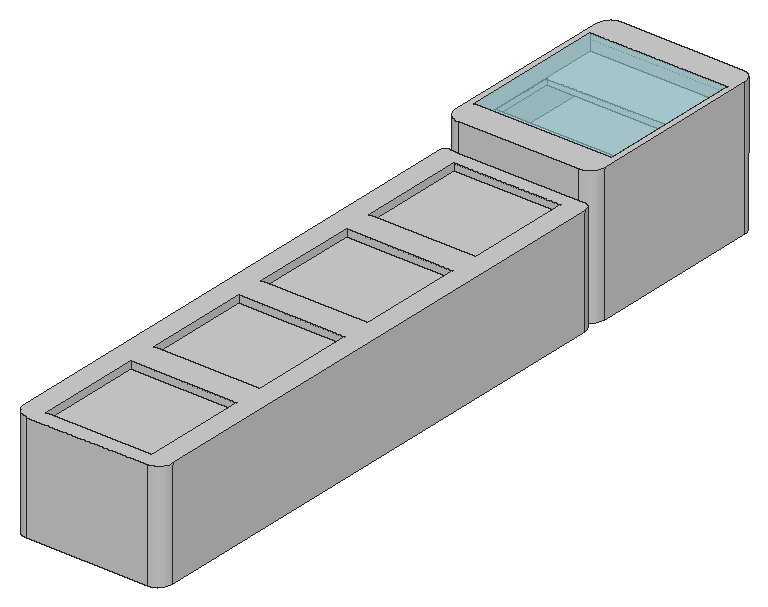
Revit family "Building-QuadriIEC309-GEWISS-68QDIN-QUADRI-PRESE-5MOD_4PRESE", category Apparecchi elettrici, host Superficie, Revit 2019
Family settings
  Host = Superficie
  Mantenere orientamento annotazione = Sì
  Quota connettore circolare = Usa diametro
  Tipo di parte = Normale
  Taglio con vuoti quando caricato = No
  Condiviso = No
  Punto di calcolo locali = Sì
Parameters (values of type "GW68026N - Q-DIN 5M 4FLANGE PR.50x50 IP65")
  visibilita posizionamento 2d [instance] = yes
  simbolo 2d [instance] = yes
  oggetto in pianta [instance] = not(visibilita posizionamento 2d)  # no
  distanza_simbolo [instance] = 0.1 mm
  bordo acceso [instance] = yes
  Visibilità sportello [instance] = yes
  Versione file RFA = "21.5"
  VETRO = Vetro
  URL = "https://www.gewiss.com/it/it"
  Tipologia di installazione = "Da parete"
  Tipo versione = "Vuoto"
  Termopressione con biglia = "70 °C"
  Spostamento_effettivo_S [instance] = 4000 mm - Spostamento_S  # 3000 mm
  Spostamento_S = 1000 mm
  Simbolo_quadro [instance] = not(simbolo 2d)  # no
  Scheda Tecnica = "https://www.gewiss.com/it/it/search?q=GW68026N"
  STRUTTURA ALTA = Poche
  STRUTTURA = RAL - 7035
  SEO = "Quadretto"
  Resistenza agli urti = "IK08"
  Default Elevation = 1219.2 mm
  Produttore = "GEWISS S.p.A."
  Potenza dissipabile B (W) = "37"
  Potenza dissipabile A (W) = "10"
  PRESA = rosso
  POMELLO = bianco
  N_moduli = 5 mm
  N. prese alloggiabili = "4 Prese civili 50x50 mm"
  N. mod. EN 50022 = "5"
  N. coperchi ciechi in dotazione = "1 Presa civile 50x50 mm"
  Modello = "GW68026N"
  L_Moduli = N_moduli * 19  # 95 mm
  Immagine tipo = GW68026N.jpg
  IDT = "574c8b292fd04b899f8585c9571871c8"
  IDF = "fdca4764-dfad-4d4d-9a4e-a0cd6bd2b04f"
  Grado di protezione = "IP65"
  Glow Wire Test = "650°C"
  Descrizione = "Q-DIN 5M 4FLANGE PR.50x50 IP65"
  Creato da GEWISS S.p.A. = ""
  ConformitÃ  normativa = "EN 62208"
  Colore = "Grigio RAL 7035"
  Codice Electrocod = "2242"
  Classe isolamento = "II"
  Catalogo = "BUILDING"
  COBie.Tagnumber = ""
  COBie.CreatedOn = ""
  COBie.CreatebBy = ""
  COBie.ComponentRegisterItemID = ""
  COBie.Component.TagNumber = ""
  COBie.Component.Space = ""
  COBie.Component.SerialNumber = ""
  COBie.Component.InstallationDate = ""
  COBie.Component.Description = ""
  COBie.Component.BarCode = ""
Reference planes
  plane 1 "Centro (Fronte/Retro)": y = 0
  plane 2: z = 0
  plane 3 "Centro (Sinistra/Destra)": x = 0
  plane 4: x = -3000
  plane 5: x = 0
Forms (mm)
  Extrusion 1, solid, material "RAL - 7035" <- "STRUTTURA", detail levels coarse
    sketch origin (0, 0, 0) x (0, 1, 0) y (0, 0, 1)
      loop
        line (-92.5, 96) -> (-92.5, 0) -> (430.5, 0) -> (430.5, 96) -> (-92.5, 96)
    from -52.5 to 52.5
Lines and regions (mm)
  Masking region 1, visible <- "visibilita posizionamento 2d"
    outline origin (0, 0, 0) x (1, 0, 0) y (0, 0, 1)
      loop
        line (-52.5, 0) -> (52.5, 0) -> (52.5, 96) -> (-52.5, 96) -> (-52.5, 0)
Dimensions and locks
  plane 4 to plane 3 "Centro (Sinistra/Destra)" = 3000 mm
  "Spostamento_effettivo_S": plane 4 to plane 5
  aligned and locked: plane 2 to host face
  aligned and locked: level to host face
  aligned and locked: nested 1 to plane 5
  aligned and locked: nested 3 to plane 5
  aligned and locked: Extrusion 1 sketch curve to nested 2
  aligned and locked: nested 2 to plane 5
Automatic sketch dimensions
  host sketch curve to host sketch curve = 2438.4 mm  (x2)
  Extrusion 1 sketch curve to level = 0 mm
  plane 1 "Centro (Fronte/Retro)" to Extrusion 1 sketch curve = 92.5 mm
  Extrusion 1 sketch curve to plane 1 "Centro (Fronte/Retro)" = 430.5 mm
  Masking region 1 sketch curve to level = 0 mm
  Masking region 1 sketch curve to plane 3 "Centro (Sinistra/Destra)" = 52.5 mm
  plane 3 "Centro (Sinistra/Destra)" to Masking region 1 sketch curve = 52.5 mm
  Masking region 1 sketch curve to Masking region 1 sketch curve = 96 mm
Nested families
  nested 1: "CENTRALINO" at (0, 737.795, 0), BORDO ACCESO <- "bordo acceso", SIMBOLO ACCESO <- "simbolo 2d", Distanza dal muro <- "distanza_simbolo", visible <- "simbolo 2d", type "CENTRALINO"
    with SIMBOLO ACCESO yes, Distanza dal muro 0.1 mm, BORDO ACCESO yes
  nested 2: "base_68QDIN5 QUADRO DISTRIBUZ X 4 PRESE IND" at (0, 287.5, 0), type "base_68QDIN5 QUADRO DISTRIBUZ X 4 PRESE IND", detail levels medium+fine
  nested 3: "simb_CENTRALINO_BASE_cad pro" at (0, 737.795, 0), Distanza dal muro <- "distanza_simbolo", visible <- "Simbolo_quadro", SIMBOLO ACCESO <- "Simbolo_quadro", type "simb_CENTRALINO_BASE_cad pro"
    with SIMBOLO ACCESO no, Distanza dal muro 0.1 mm, BORDO ACCESO yes
Definition of nested family "base_68QDIN5 QUADRO DISTRIBUZ X 4 PRESE IND"
  Parameters (values of type "base_68QDIN5 QUADRO DISTRIBUZ X 4 PRESE IND")
    raggio prese = 25 mm
    n_moduli = 5 mm  # constant formula
    h_moduli = 45 mm  # constant formula
    Vetro = none
    Struttura = none
    Spessore = 96 mm
    Default Elevation = 14 mm
    Presa = none
    Lunghezza = 105 mm
    Larghezza = 105 mm
    L_moduli = n_moduli * 19  # 95 mm
    IFC.TypeObject = ""
    IFC.ExportType = ""
    IFC.ExportAs = ""
    H_da terra = 589.057 mm
    COBie.CreatedOn = ""
    COBie.CreatebBy = ""
    COBie.ComponentRegisterItemID = ""
    COBie.Component.TagNumber = ""
    COBie.Component.Space = ""
    COBie.Component.SerialNumber = ""
    COBie.Component.InstallationDate = ""
    COBie.Component.Description = ""
    COBie.Component.BarCode = ""
    Altezza scatole = 350 mm
    Altezza quadro = 150 mm
    Altezza = 258 mm
  Reference planes
    plane 1 "Centro (Fronte/Retro)": y = 0
    plane 2: z = 0
    plane 3 "Centro (Sinistra/Destra)": x = 0
    plane 4: z = 62.089
    plane 5: z = 103.126
    plane 6: z = 76.196
    plane 7: x = -52.5
    plane 8: x = 52.5
    plane 9: x = -48.5
    plane 10: x = 48.5
    plane 11: y = 123.21
    plane 12: y = 21.246
    plane 13: y = 0
    plane 14: y = -105
    plane 15: y = -180
    plane 16: y = -85
    plane 17: y = -10
    plane 18: y = -380
    plane 19: y = 143
    plane 20: z = 71.196
    plane 21: y = 84
    plane 22: y = 39
    plane 23: x = -47.5
    plane 24: x = 47.5
    plane 25: z = 92.059
    plane 26: z = 96
    plane 27 "posizionamento moduli": z = 84.734
    plane 28: z = 80.558
    plane 29: y = 61.5
    plane 30: y = -200
    plane 31: y = -275
    plane 32: y = -237.5
    plane 33: y = -47.5
    plane 34: y = -142.5
    plane 35: z = 67.987
  Forms (mm)
    Extrusion 1, solid, material <- "Struttura"
      sketch origin (0, -857.311, 0) x (1, 0, 0) y (0, 1, 0)
        loop
          arc (-42.5, 1000.311) -> (-49.571, 997.382) -> (-52.5, 990.311) r 10
          line (-52.5, 990.311) -> (-52.5, 867.311)
          arc (-52.5, 867.311) -> (-49.571, 860.24) -> (-42.5, 857.311) r 10
          line (-42.5, 857.311) -> (42.5, 857.311)
          arc (42.5, 857.311) -> (49.571, 860.24) -> (52.5, 867.311) r 10
          line (52.5, 867.311) -> (52.5, 990.311)
          arc (52.5, 990.311) -> (49.571, 997.382) -> (42.5, 1000.311) r 10
          line (42.5, 1000.311) -> (-42.5, 1000.311)
      from 0 to 96
    Extrusion 2, solid, material <- "Struttura"
      sketch origin (0, -857.311, 0) x (1, 0, 0) y (0, 1, 0)
        loop
          line (44.95, 857.311) -> (-48.88, 857.311)
          arc (-48.88, 857.311) -> (-51.44, 856.251) -> (-52.5, 853.691) r 3.62
          line (-52.5, 853.691) -> (-52.5, 487.311)
          arc (-52.5, 487.311) -> (-49.571, 480.24) -> (-42.5, 477.311) r 10
          line (-42.5, 477.311) -> (42.5, 477.311)
          arc (42.5, 477.311) -> (49.571, 480.24) -> (52.5, 487.311) r 10
          line (52.5, 487.311) -> (52.5, 849.76)
          arc (52.5, 849.76) -> (50.289, 855.099) -> (44.95, 857.311) r 7.55
      from 0 to 76.196
    Extrusion 3, void
      sketch origin (0, -857.311, 0) x (1, 0, 0) y (0, 1, 0)
        loop
          line (-48.5, 980.52) -> (-48.5, 878.557) -> (48.5, 878.557) -> (48.5, 980.52) -> (-48.5, 980.52)
      from 62.089 to 96
    Extrusion 4, solid, material <- "Vetro", detail levels fine
      sketch origin (0, -857.311, 0) x (1, 0, 0) y (0, 1, 0)
        loop
          line (-48.5, 980.52) -> (-48.5, 878.557) -> (48.5, 878.557) -> (48.5, 980.52) -> (-48.5, 980.52)
      from 92.059 to 96
    Extrusion 5, void
      sketch origin (0, -857.311, 0) x (1, 0, 0) y (0, 1, 0)
        loop
          line (-37.506, 847.311) -> (-37.506, 772.311) -> (37.506, 772.311) -> (37.506, 847.311) -> (-37.506, 847.311)
      from 71.196 to 76.196
    Extrusion 6, void
      sketch origin (0, -992.311, 0) x (1, 0, 0) y (0, 1, 0)
        loop
          line (-37.506, 887.311) -> (-37.506, 812.311) -> (37.506, 812.311) -> (37.506, 887.311) -> (-37.506, 887.311)
      from 71.196 to 76.196
    Extrusion 7, void
      sketch origin (0, 0, 0) x (1, 0, 0) y (0, 1, 0)
        loop
          line (-47.5, 39) -> (47.5, 39) -> (47.5, 84) -> (-47.5, 84) -> (-47.5, 39)
      from 80.558 to 84.734
    Extrusion 8, solid
      sketch origin (0, 0, 0) x (1, 0, 0) y (0, 1, 0)
        loop
          line (-48.5, 123.21) -> (-48.5, 21.246) -> (48.5, 21.246) -> (48.5, 123.21) -> (-48.5, 123.21)
      from 80.558 to 84.734
    Extrusion 9, void
      sketch origin (0, -1087.311, 0) x (1, 0, 0) y (0, 1, 0)
        loop
          line (-37.506, 887.311) -> (-37.506, 812.311) -> (37.506, 812.311) -> (37.506, 887.311) -> (-37.506, 887.311)
      from 71.196 to 76.196
    Extrusion 10, void
      sketch origin (0, -1182.311, 0) x (1, 0, 0) y (0, 1, 0)
        loop
          line (-37.506, 887.311) -> (-37.506, 812.311) -> (37.506, 812.311) -> (37.506, 887.311) -> (-37.506, 887.311)
      from 71.196 to 76.196
  Cuts and joins
    Extrusion 3 cuts Extrusion 1
    Extrusion 5, Extrusion 6, Extrusion 9, Extrusion 10 cuts Extrusion 2
    Extrusion 7 cuts Extrusion 8
    Extrusion 7 cuts Extrusion 4
  Lines and regions (mm)
    model lines
      curve 1: line (-47.5, 61.5, 84.734) -> (47.5, 61.5, 84.734)
  Dimensions and locks
    locked: plane 4 to plane 5 at 41.036
    locked: plane 7 to plane 9 at 4
    locked: plane 10 to plane 8 at 4
    equal spacing: plane 7, plane 3 "Centro (Sinistra/Destra)", plane 8
    "Larghezza": plane 7 to plane 8
    plane 13 to plane 17 = 10 mm
    locked: plane 16 to plane 14 at 20
    plane 17 to plane 16 = 75 mm
    plane 14 to plane 15 = 75 mm
    plane 1 "Centro (Fronte/Retro)" to plane 19 = 143 mm
    plane 18 to plane 13 = 380 mm
    plane 12 to plane 1 "Centro (Fronte/Retro)" = 21.246 mm
    plane 11 to plane 19 = 19.79 mm
    locked: plane 6 to plane 20 at 5
    locked: plane 19 to plane 21 at 59
    "h_moduli": plane 21 to plane 22
    equal spacing: plane 23, plane 3 "Centro (Sinistra/Destra)", plane 24
    "L_moduli": plane 23 to plane 24
    locked: plane 26 to plane 25 at 3.941
    plane 6 to plane 2 = 76.196 mm
    locked: plane 25 to plane 27 "posizionamento moduli" at 7.325
    locked: plane 27 "posizionamento moduli" to plane 28 at 4.176
    equal spacing: plane 21, plane 29, plane 22
    locked: plane 15 to plane 30 at 20
    locked: plane 30 to plane 31 at 75
    locked: plane 20 to plane 35 at 3.209
    radius of Extrusion 2 sketch curve = 10 mm  (x2)
    radius of Extrusion 2 sketch curve = 3.62 mm
    radius of Extrusion 2 sketch curve = 7.55 mm
    radius of Extrusion 1 sketch curve = 10 mm  (x4)
    aligned and locked: level to plane 2
    aligned and locked: cut or joined group of Extrusion 1, Extrusion 3 to plane 4  (x2)
    aligned and locked: Extrusion 2 to plane 6
    aligned and locked: Extrusion 2 sketch curve to plane 7
    aligned and locked: Extrusion 2 sketch curve to plane 8
    aligned and locked: plane 8 to Extrusion 1 sketch curve
    aligned and locked: plane 7 to Extrusion 1 sketch curve
    aligned and locked: Extrusion 4 sketch curve to plane 9
    aligned and locked: Extrusion 4 sketch curve to plane 10
    aligned and locked: Extrusion 3 sketch curve to plane 9
    aligned and locked: Extrusion 3 sketch curve to plane 10
    aligned and locked: Extrusion 4 sketch curve to plane 11
    aligned and locked: plane 12 to Extrusion 4 sketch curve
    aligned and locked: Extrusion 3 sketch curve to plane 11
    aligned and locked: plane 12 to Extrusion 3 sketch curve
    aligned and locked: plane 13 to Extrusion 1 sketch curve
    aligned and locked: Extrusion 2 sketch curve to plane 13
    aligned and locked: plane 18 to Extrusion 2 sketch curve
    aligned and locked: Extrusion 5 to plane 16
    aligned and locked: plane 17 to Extrusion 5
    aligned and locked: plane 14 to Extrusion 6
    aligned and locked: plane 1 "Centro (Fronte/Retro)" to plane 13
    aligned and locked: plane 19 to Extrusion 1 sketch curve
    aligned and locked: Extrusion 6 to plane 15
    aligned and locked: Extrusion 6 to plane 20
    aligned and locked: Extrusion 6 to plane 6
    aligned and locked: Extrusion 5 to plane 20
    aligned and locked: Extrusion 5 to plane 6
    aligned and locked: Extrusion 7 sketch curve to plane 23
    aligned and locked: Extrusion 7 sketch curve to plane 21
    aligned and locked: Extrusion 7 sketch curve to plane 22
    aligned and locked: Extrusion 7 sketch curve to plane 24
    aligned and locked: plane 26 to cut or joined group of Extrusion 1, Extrusion 3
    aligned and locked: plane 27 "posizionamento moduli" to Extrusion 7
    aligned and locked: Extrusion 7 to plane 28
    aligned and locked: Extrusion 8 sketch curve to plane 11
    aligned and locked: Extrusion 8 sketch curve to plane 12
    aligned and locked: Extrusion 8 to plane 28
    aligned and locked: plane 27 "posizionamento moduli" to Extrusion 8
    aligned and locked: Extrusion 8 sketch curve to Extrusion 4  (x2)
    aligned and locked: plane 29 to curve 1
    aligned and locked: cut or joined group of Extrusion 2, Extrusion 5, Extrusion 6, Extrusion 9, Extrusion 10 to plane 20
  Automatic sketch dimensions
    Extrusion 5 sketch curve to plane 16 = 0 mm
    Extrusion 5 sketch curve to plane 17 = 0 mm
    Extrusion 5 sketch curve to plane 23 = 9.994 mm
    plane 24 to Extrusion 5 sketch curve = 9.994 mm
    Extrusion 6 sketch curve to plane 15 = 0 mm
    Extrusion 6 sketch curve to plane 14 = 0 mm
    Extrusion 6 sketch curve to plane 23 = 9.994 mm
    plane 24 to Extrusion 6 sketch curve = 9.994 mm
    curve 1 to plane 23 = 0 mm
    curve 1 to plane 24 = 0 mm
    Extrusion 9 sketch curve to plane 31 = 0 mm
    Extrusion 9 sketch curve to plane 30 = 0 mm
    Extrusion 9 sketch curve to plane 23 = 9.994 mm
    plane 24 to Extrusion 9 sketch curve = 9.994 mm
    Extrusion 10 sketch curve to plane 23 = 9.994 mm
    plane 24 to Extrusion 10 sketch curve = 9.994 mm
    Extrusion 10 sketch curve to plane 18 = 10 mm
    Extrusion 10 sketch curve to plane 31 = 20 mm
Definition of nested family "CENTRALINO"
  Parameters (values of type "CENTRALINO")
    SIMBOLO ACCESO [instance] = yes
    Distanza dal muro [instance] = 0 mm
    BORDO ACCESO [instance] = yes
  Reference planes
    plane 1: y = 0
    plane 2: x = 0
  Dimensions and locks
    "Distanza dal muro": plane 1 to nested 1
    aligned and locked: plane 2 to nested 1
  Nested families
    nested 1: "CENTRALINO_BASE" at (0, 0, 0), BORDO ACCESO <- "BORDO ACCESO", visible <- "SIMBOLO ACCESO", type "CENTRALINO"
      with BORDO ACCESO yes
  Definition of nested family "CENTRALINO_BASE"
    Parameters (values of type "CENTRALINO")
      Distanza dal muro = 0 mm
      BORDO ACCESO [instance] = yes
    Reference planes
      plane 1: y = 0
      plane 2: x = 0
    Lines and regions (mm)
      detail lines, visible <- "BORDO ACCESO", not visible
        curve 1: line (-2.443, 10.208, 0) -> (2.057, 10.208, 0)
        curve 2: line (2.057, 10.208, 0) -> (2.057, 4.208, 0)
        curve 3: line (2.057, 4.208, 0) -> (-2.443, 4.208, 0)
        curve 4: line (-2.443, 4.208, 0) -> (-2.443, 10.208, 0)
        curve 5: line (-2.043, 9.808, 0) -> (1.657, 9.808, 0)
        curve 6: line (1.657, 9.808, 0) -> (1.657, 4.608, 0)
        curve 7: line (1.657, 4.608, 0) -> (-2.043, 4.608, 0)
        curve 8: line (-2.043, 4.608, 0) -> (-2.043, 9.808, 0)
      detail lines
        curve 9: line (0, 0.671, 0) -> (0, 0, 0)
        curve 10: line (0.659, 0.671, 0) -> (0.659, 1.33, 0)
        curve 11: line (0.659, 1.33, 0) -> (-0.659, 1.33, 0)
        curve 12: line (-0.659, 1.33, 0) -> (-0.659, 0.671, 0)
        curve 13: line (-0.659, 0.671, 0) -> (0.659, 0.671, 0)
        curve 14: line (0.497, 1.33, 0) -> (0.497, 2, 0)
        curve 15: line (0.167, 1.33, 0) -> (0.167, 2, 0)
        curve 16: line (-0.162, 1.33, 0) -> (-0.162, 2, 0)
        curve 17: line (-0.491, 1.33, 0) -> (-0.491, 2, 0)
Definition of nested family "simb_CENTRALINO_BASE_cad pro"
  Parameters (values of type "simb_CENTRALINO_BASE_cad pro")
    SIMBOLO ACCESO [instance] = yes
    Distanza dal muro [instance] = 0 mm
    BORDO ACCESO [instance] = yes
  Reference planes
    plane 1: y = 0
    plane 2: x = 0
  Dimensions and locks
    "Distanza dal muro": plane 1 to nested 1
    aligned and locked: plane 2 to nested 1
  Nested families
    nested 1: "CENTRALINO_BASE_cad pro" at (0, 0, 0), type "CENTRALINO"
  Definition of nested family "CENTRALINO_BASE_cad pro"
    Parameters (values of type "CENTRALINO")
      Distanza dal muro = 0 mm
    Reference planes
      plane 1: y = 0
      plane 2: x = 0
    Lines and regions (mm)
      detail lines
        curve 1: line (1.33, 1.33, 0) -> (2.109, 1.33, 0)
        curve 2: line (2.109, 1.33, 0) -> (2.109, 0, 0)
        curve 3: line (2.109, 0, 0) -> (1.33, 0, 0)
        curve 4: line (1.33, 0, 0) -> (-1.33, 1.33, 0)
        curve 5: line (-1.33, 1.33, 0) -> (1.33, 1.33, 0)
        curve 6: line (1.33, 1.33, 0) -> (1.33, 0, 0)
        curve 7: line (1.33, 0, 0) -> (-1.33, 0, 0)
        curve 8: line (-1.33, 0, 0) -> (-1.33, 1.33, 0)
        curve 9: line (1.461, 0.665, 0) -> (1.977, 0.665, 0)
        curve 10: line (1.719, 0.665, 0) -> (1.719, 1.01, 0)
        curve 11: arc (1.977, 0.406, 0) -> (1.719, 0.665, 0) -> (1.461, 0.406, 0) r 0.258
